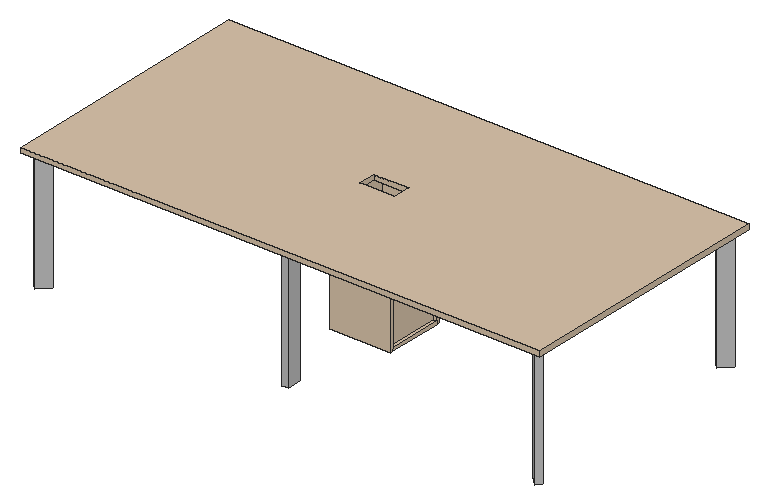
Revit family "Haworth_Planes_ConferenceTable_RectangularOnePiece", category Furniture Systems, Revit 2018
Family settings
  Round Connector Dimension = Use Diameter
  Part Type = Normal
  OmniClass Number = 23.40.70.14.64.21
  OmniClass Title = Systems Furniture
  Work Plane-Based = No
  Always vertical = Yes
  Cut with Voids When Loaded = No
  Shared = No
  Room Calculation Point = No
Parameters (values of type "120w 60d - Interior Leg")
  Worksurface Finish [instance] = Haworth _ Laminate _ Maple H-AE
  Worksurface Edge Finish [instance] = Haworth _ Laminate _ Maple H-AE
  Warranty = "http://www.haworth.com/resources/product-info/warranties"
  URL - Product = "http://www.haworth.com/products/tables/conference/planes"
  Sustainability Info = "https://www.haworth.com/company-info/sustainability"
  Support Location_Front_Back = if(Perimeter Leg, 3/4", 3")  # 3"
  Support Finish [instance] = Haworth _ Paint _ Metallic Champagne
  Right Leg [instance] = yes
  Perimeter Leg = not(Interior Leg)  # no
  Opening Single Wide = no
  Opening Single = not(or(Opening Single Wide, Opening Double, Opening Double Wide))  # yes
  Opening Left/Right = no
  Opening Double Wide = no
  Opening Double = no
  Opening Center = not([Opening Left/Right])  # yes
  No Legs [instance] = not(or(Left Leg, Right Leg))  # no
  Model = "TARQ, TARA"  # constant formula
  Min. Depth = 30"  # constant formula
  Middle Leg_Perimeter = and(Actual Width > 66", Perimeter Leg, not(Middle Leg Off_Override))  # no
  Middle Leg_Interior = and(Actual Width > 66", Interior Leg, not(Middle Leg Off_Override))  # yes
  Middle Leg Off_Override = no
  Middle Leg = or(Middle Leg_Interior, Middle Leg_Perimeter)  # yes
  Max. Depth = 60"  # constant formula
  Left Leg [instance] = yes
  Knife Edge = not(Edgeband)  # no
  Interior Leg = yes
  Width = 120"
  URL = "www.haworth.com"
  Support Height = Actual Height - Table Thickness  # 27 13/16"
  Size = "Verify Final Dim. w/ Haworth"  # constant formula
  Revision Number = "3"  # constant formula
  Min/Max Width = "42-120 @ 6 in. increments"  # constant formula
  Standard Height = "29 in."  # constant formula
  Min. Width = if(or(Depth = 30", Depth = 54"), 60", if(Depth = 36", 60", if(Depth = 42", 48", if(Depth = 48", 54", 66"))))  # 66"
  Max. Width = 120"  # constant formula
  Min. Height = 29"  # constant formula
  Max. Height = 29"  # constant formula
  Manufacturer = "Haworth"  # constant formula
  Support Location_Side = if(Perimeter Leg, 1 5/8", 3")  # 3"
  Edgeband = yes
  Description = "Haworth - Planes Conference Table - Rectangular One Piece - Interior Leg - 120w 60d"
  Depth = 60"
  Cutout = yes
  Custom Size = not(and(or(Depth = 30", Depth = 36", Depth = 42", Depth = 48", Depth = 54", Depth = 60"), or(Width = 42", Width = 48", Width = 54", Width = 60", Width = 66", Width = 72", Width = 78", Width = 84", Width = 90", Width = 96", Width = 102", Width = 108", Width = 114", Width = 120")))  # no
  Cable Base Finish [instance] = Haworth _ Laminate _ Maple H-AE
  Cable Base Control = and(Cable Base, Actual Depth > 30")  # yes
  Cable Base 14x14 = and(Cable Base, Actual Depth > 41")  # yes
  Cable Base = yes
  Author = "Haworth (Alias), SHAPE Environments, LLC"  # constant formula
  Assembly Code = "E2020200"
  Actual Width = if(Width > Max. Width, Max. Width, if(Width < Min. Width, Min. Width, Width))  # 120"
  Actual Height = 29"  # constant formula
  Table Thickness = 1 3/16"  # constant formula
  Standard Depths = "30, 36, 42, 48, 54, 60 in."  # constant formula
  Actual Depth = if(Depth > Max. Depth, Max. Depth, if(Depth < Min. Depth, Min. Depth, Depth))  # 60"
Types (5): name | Support Location_Front_Back | Perimeter Leg | Middle Leg_Perimeter | Middle Leg_Interior | Middle Leg | Interior Leg | Width | Support Location_Side | Description | Actual Width
  (no name) | 3" | no | no | yes | yes | yes | 120" | 3" | "Haworth - Planes Conference Table - Rectangular One Piece - Interior Leg - 120w 60d" | 120"
  120w 60d - Interior Leg | 3" | no | no | yes | yes | yes | 120" | 3" | "Haworth - Planes Conference Table - Rectangular One Piece - Interior Leg - 120w 60d" | 120"
  120w 60d - Perimeter Leg | 3/4" | yes | yes | no | yes | no | 120" | 1 5/8" | "Haworth - Planes Conference Table - Rectangular One Piece - Perimeter Leg - 120w 60d" | 120"
  60w 60d - Perimeter Leg | 3/4" | yes | no | no | no | no | 60" | 1 5/8" | "Haworth - Planes Conference Table - Rectangular One Piece - Perimeter Leg - 60w 60d" | 66"
  60w 60d - Interior Leg | 3" | no | no | no | no | yes | 60" | 3" | "Haworth - Planes Conference Table - Rectangular One Piece - Interior Leg - 60w 60d" | 66"
Reference planes (in)
  plane 1 "Center F/B": y = -0.15866
  plane 2 "Floor": z = 0
  plane 3 "Center L/R": x = 0
  plane 4 "Table Edge Left": x = -60
  plane 5 "Table Edge Right": x = 60
  plane 6 "Table Edge Back": y = -30.15866
  plane 7 "Table Edge Front": y = 29.84134
  plane 8 "Table Bottom": z = 29
  plane 9 "Left Support Location": x = -57
  plane 10 "Back Support Location": y = 26.84134
  plane 11 "Front Support Location": y = -27.15866
  plane 12 "Right Support Location": x = 57
  plane 13 "masking region": z = 27
Dimensions and locks (in)
  "Actual Depth": plane 7 "Table Edge Front" to plane 6 "Table Edge Back"
  "Actual Width": plane 4 "Table Edge Left" to plane 5 "Table Edge Right"
  equal spacing: plane 4 "Table Edge Left", plane 3 "Center L/R", plane 5 "Table Edge Right"
  equal spacing: plane 7 "Table Edge Front", plane 1 "Center F/B", plane 6 "Table Edge Back"
  "Actual Height": plane 8 "Table Bottom" to level
  "Support Location_Side": plane 4 "Table Edge Left" to plane 9 "Left Support Location"
  "Support Location_Side": plane 12 "Right Support Location" to plane 5 "Table Edge Right"
  "Support Location_Front_Back": plane 7 "Table Edge Front" to plane 10 "Back Support Location"
  "Support Location_Front_Back": plane 11 "Front Support Location" to plane 6 "Table Edge Back"
  locked: plane 8 "Table Bottom" to plane 13 "masking region" at 2
  aligned and locked: nested 2 to plane 9 "Left Support Location"
  aligned and locked: nested 2 to plane 11 "Front Support Location"
  aligned and locked: nested 1 to plane 10 "Back Support Location"
  aligned and locked: plane 9 "Left Support Location" to nested 1
  aligned and locked: nested 3 to plane 10 "Back Support Location"
  aligned and locked: nested 4 to plane 11 "Front Support Location"
  aligned and locked: nested 4 to plane 12 "Right Support Location"
  aligned and locked: plane 12 "Right Support Location" to nested 3
  aligned and locked: plane 3 "Center L/R" to nested 5
  aligned and locked: plane 3 "Center L/R" to nested 6
  aligned and locked: nested 6 to plane 11 "Front Support Location"
  aligned and locked: plane 10 "Back Support Location" to nested 5
  aligned and locked: nested 8 to plane 9 "Left Support Location"
  aligned and locked: plane 9 "Left Support Location" to nested 7
  aligned and locked: plane 11 "Front Support Location" to nested 8
  aligned and locked: nested 7 to plane 10 "Back Support Location"
  aligned and locked: nested 9 to plane 10 "Back Support Location"
  aligned and locked: plane 12 "Right Support Location" to nested 9
  aligned and locked: plane 11 "Front Support Location" to nested 10
  aligned and locked: nested 10 to plane 12 "Right Support Location"
  aligned and locked: plane 3 "Center L/R" to nested 11
  aligned and locked: plane 3 "Center L/R" to nested 12
  aligned and locked: plane 11 "Front Support Location" to nested 12
  aligned and locked: nested 11 to plane 10 "Back Support Location"
  aligned and locked: plane 2 "Floor" to nested 8
  aligned and locked: plane 2 "Floor" to nested 2
  aligned and locked: nested 7 to plane 2 "Floor"
  aligned and locked: nested 1 to plane 2 "Floor"
  aligned and locked: nested 10 to plane 2 "Floor"
  aligned and locked: nested 4 to plane 2 "Floor"
  aligned and locked: plane 2 "Floor" to nested 9
  aligned and locked: plane 2 "Floor" to nested 3
  aligned and locked: plane 2 "Floor" to nested 13
  aligned and locked: plane 2 "Floor" to nested 14
  aligned and locked: plane 1 "Center F/B" to nested 14
  aligned and locked: plane 3 "Center L/R" to nested 14
  aligned and locked: plane 3 "Center L/R" to nested 13
  aligned and locked: plane 1 "Center F/B" to nested 13
  aligned and locked: plane 2 "Floor" to nested 12
  aligned and locked: plane 2 "Floor" to nested 6
  aligned and locked: nested 11 to plane 2 "Floor"
  aligned and locked: nested 5 to plane 2 "Floor"
  aligned and locked: nested 6 to plane 2 "Floor"
  aligned and locked: nested 12 to plane 2 "Floor"
  aligned and locked: plane 2 "Floor" to nested 5
Nested families (in)
  nested 1: "Haworth_Worksurface-Support_Part-Leg" at (-48.5, 48.08065, 0) x (-1, 0, 0) z (0, 0, 1), visible <- "Left Leg", type "Support"
  nested 2: "Haworth_Worksurface-Support_Part-Leg" at (-65.5, -5.91935, 0), visible <- "Left Leg", type "Support"
  nested 3: "Haworth_Worksurface-Support_Part-Leg" at (65.5, 5.60203, 0) x (-1, 0, 0) z (0, 0, 1), visible <- "Right Leg", type "Support"
  nested 4: "Haworth_Worksurface-Support_Part-Leg" at (65.5, -5.91935, 0) x (-1, 0, 0) z (0, 0, 1), visible <- "Right Leg", type "Support"
  nested 5: "Haworth_Worksurface-Support_Part-Leg" at (8.5, 48.08065, 0) x (-1, 0, 0) z (0, 0, 1), visible <- "Middle Leg_Interior", type "Middle Support"
    with Support Post Standard yes
  nested 6: "Haworth_Worksurface-Support_Part-Leg" at (-8.5, -5.91935, 0), visible <- "Middle Leg_Interior", type "Middle Support"
    with Support Post Standard yes
  nested 7: "Haworth_Worksurface-Support_Part-Leg" at (-35.76069, 18.34134, 0) x (0, 1, 0) z (0, 0, 1), visible <- "Left Leg", type "Perimeter Support"
  nested 8: "Haworth_Worksurface-Support_Part-Leg" at (-78.23931, -35.65866, 0) x (0, 1, 0) z (0, 0, 1), visible <- "Left Leg", type "Perimeter Support"
  nested 9: "Haworth_Worksurface-Support_Part-Leg" at (35.76069, 18.34134, 0) x (0, 1, 0) z (0, 0, 1), visible <- "Right Leg", type "Perimeter Support"
  nested 10: "Haworth_Worksurface-Support_Part-Leg" at (78.23931, -35.65866, 0) x (0, 1, 0) z (0, 0, 1), visible <- "Right Leg", type "Perimeter Support"
  nested 11: "Haworth_Worksurface-Support_Part-Leg" at (21.23931, 18.34134, 0) x (0, 1, 0) z (0, 0, 1), visible <- "Middle Leg_Perimeter", type "Middle Support"
    with Support Post Standard yes
  nested 12: "Haworth_Worksurface-Support_Part-Leg" at (-21.23931, -35.65866, 0) x (0, 1, 0) z (0, 0, 1), visible <- "Middle Leg_Perimeter", type "Middle Support"
    with Support Post Standard yes
  nested 13: "Haworth_Planes_Conference_Worksurface_Rectangular_Part" at (0, -15.15866, 0), type "Worksurface"
    with Side Cutout Offset 30", Opening Single Wide no, Opening Left/Right no, Opening Double Wide no, Opening Double no, Knife Edge no, Edgeband yes, Cutout Width 8", Cutout Side Graphic no, Cutout Side Dimension 1", Cutout Depth 4", Actual Width 120", Actual Depth 60"
  nested 14: "Haworth_Planes_ConferenceCableBase_Part" at (0, -3.78366, 0), visible <- "Cable Base Control", type "Base"
    with Actual Depth 14", 8 x 14 no, 14 x 14 yes
Definition of nested family "Haworth_Worksurface-Support_Part-Leg"
  Parameters (values of type "Support")
    Top Thickness = 1 3/16"
    Support Post Standard = no
    Support Post 45 Degree = yes
    Support Height = Actual Height - Top Thickness  # 27 13/16"
    Model = "Worksurface"
    Worksurface Height = 29"
    Warranty = "www.haworth.com/en-us/Products/Pages/Certifications.aspx"
    URL - Product = "www.haworth.com/en-us/Products/Furniture/Systems/Desking-Systems/Pages/Compose.aspx"
    URL = "www.haworth.com"
    Sustainability Info = "www.haworth.com/en-us/About-Us/Sustainability/Pages/Vision.aspx"
    Support Finish = none
    Size = "Verify Final Dim. w/ Haworth"  # constant formula
    Revision Number = "1"  # constant formula
    Min/Max Height = "26-32 in."  # constant formula
    Min. Height = 20"  # constant formula
    Max. Height = 48"  # constant formula
    Manufacturer = "Haworth"  # constant formula
    LEED Data = "www.haworth.com/_layouts/Haworth.ProductCatalog/Handlers/GetAsset.ashx/ComposeLEEDContributions.pdf?cid=27&rid=1824&type=Leed"
    Description = "Worksurface Support"  # constant formula
    Author = "SHAPE Environments, LLC"  # constant formula
    Assembly Code = "E2020200"
    Actual Top Thickness = if(Top Thickness > 3", 3", if(Top Thickness < 1", 1", Top Thickness))  # 1 3/16"
    Actual Height = 29"
  Types (3): name | Support Post 45 Degree
    Support | yes
    Perimeter Support | no
    Middle Support | no
  Reference planes (in)
    plane 1: z = 0
    plane 2 "Center L/R": x = 8.5
    plane 3 "Support Top": z = 27.8125
    plane 4 "Center F/B": y = -21.23931
  Forms (in)
    Extrusion 1, solid, material <- "Support Finish", visible <- "Support Post Standard"
      sketch origin (0, 0, 0) x (1, 0, 0) y (0, 1, 0)
        loop
          line (7.75, -22.86431) -> (9.25, -22.86431) -> (9.25, -19.61431) -> (7.75, -19.61431) -> (7.75, -22.86431)
      from 0 to 27.8125
    Extrusion 2, solid, material <- "Support Finish", visible <- "Support Post 45 Degree"
      sketch origin (17.50805, -0.21044, 0) x (0.707107, -0.707107, 0) y (0.707107, 0.707107, 0)
        loop
          line (7.75, -22.86431) -> (9.25, -22.86431) -> (9.25, -19.61431) -> (7.75, -19.61431) -> (7.75, -22.86431)
      from 0 to 27.8125
  Lines and regions (in)
    symbolic lines, visible <- "Support Post Standard", detail levels fine
      curve 1: line (7.75, -19.61431, 0) -> (9.25, -19.61431, 0)
      curve 2: line (7.75, -22.86431, 0) -> (7.75, -19.61431, 0)
      curve 3: line (9.25, -22.86431, 0) -> (7.75, -22.86431, 0)
      curve 4: line (9.25, -19.61431, 0) -> (9.25, -22.86431, 0)
    symbolic lines, visible <- "Support Post 45 Degree", detail levels fine
      curve 5: line (6.82062, -21.85803, 0) -> (9.11872, -19.55993, 0)
      curve 6: line (9.11872, -19.55993, 0) -> (10.17938, -20.62059, 0)
      curve 7: line (10.17938, -20.62059, 0) -> (7.88128, -22.91869, 0)
      curve 8: line (7.88128, -22.91869, 0) -> (6.82062, -21.85803, 0)
  Dimensions and locks (in)
    "Support Height": plane 3 "Support Top" to level
    aligned and locked: plane 3 "Support Top" to Extrusion 1
    aligned and locked: plane 3 "Support Top" to Extrusion 2
  Automatic sketch dimensions
    Extrusion 1 sketch curve to plane 4 "Center F/B" = 1 5/8"
    plane 2 "Center L/R" to Extrusion 1 sketch curve = 3/4"
    Extrusion 1 sketch curve to plane 2 "Center L/R" = 3/4"
    plane 4 "Center F/B" to Extrusion 1 sketch curve = 1 5/8"
    plane 2 "Center L/R" to Extrusion 2 sketch curve = 0.61872"
    Extrusion 2 sketch curve to plane 4 "Center F/B" = 1.67938"
    Extrusion 2 sketch curve to Extrusion 2 sketch curve = 1 1/2"
    Extrusion 2 sketch curve to Extrusion 2 sketch curve = 3 1/4"
    plane 4 "Center F/B" to curve 5 = 0.61872"
    curve 2 to plane 2 "Center L/R" = 3/4"
    curve 2 to curve 7 = 0.13128"
    plane 2 "Center L/R" to curve 6 = 0.61872"
    curve 5 to curve 4 = 0.13128"
    curve 6 to plane 4 "Center F/B" = 0.61872"
    curve 1 to curve 6 = 0.92938"
    curve 7 to curve 2 = 0.05438"
    curve 1 to curve 5 = 0.05438"
Definition of nested family "Haworth_Planes_Conference_Worksurface_Rectangular_Part"
  Parameters (values of type "Worksurface")
    Warranty = "http://www.haworth.com/resources/product-info/warranties"
    URL - Product = "https://www.haworth.com/products/tables/conference/planes"
    URL = "www.haworth.com"
    Thickness = 1 3/16"  # constant formula
    Table Finish = none
    Table Edge Finish = none
    Size = "Verify Final Dim. w/ Haworth"  # constant formula
    Side Cutout Offset = Actual Width / 4  # 24"
    Revision Number = ""
    Opening Single Wide = yes
    Opening Single = yes
    Opening Left/Right = yes
    Opening Double Wide = yes
    Opening Double = yes
    Opening Center = yes
    Model = "Haworth Planes"  # constant formula
    Manufacturer = "Haworth"  # constant formula
    Knife Edge = yes
    Edgeband = no
    Description = "Haworth Planes Conference Worksurface - Part"
    Cutout Width = if(or(Opening Single Wide, Opening Double Wide), 11", 8")  # 11"
    Cutout Side Graphic = and(Cutout, [Opening Left/Right])  # yes
    Cutout Side Dimension = if(and(Cutout, [Opening Left/Right]), 3", 1")  # 3"
    Cutout Center Dimension = if(and(Cutout, Opening Center), 3", 1")  # 3"
    Cutout Depth = if(or(Opening Double, Opening Double Wide), 7 11/16", 4")  # 7 11/16"
    Cutout Center Graphic = and(Cutout, Opening Center)  # yes
    Cutout = yes
    Author = "Haworth (Alias)"  # constant formula
    Assembly Code = ""
    Actual Width = 96"
    Actual Height = 29"
    Actual Depth = 36"
  Reference planes (in)
    plane 1 "Center F/B": y = 15
    plane 2: z = 0
    plane 3 "Center L/R": x = 0
    plane 4 "Table Front": y = 33
    plane 5 "Table Right": x = 48
    plane 6 "Table Left": x = -48
    plane 7 "Table Back": y = -3
    plane 8 "Table Top": z = 29
    plane 9 "Table Bottom": z = 27.8125
    plane 10 "Cutout Top": z = 30
    plane 11 "Cutout Center Bottom": z = 27
    plane 12 "Knife Edge Middle": z = 28.625
    plane 13 "Cutout Back": y = 18.84375
    plane 14 "Cutout Front": y = 11.15625
    plane 15 "Cutout Middle": y = 15
    plane 16 "Left Knife Bottom": x = -46
    plane 17 "Right Knife Bottom": x = 46
    plane 18 "Back Knife Bottom": y = 31
    plane 19 "Front Knife Bottom": y = -1
    plane 20 "Left Cutout": x = -24
    plane 21 "Right Cutout": x = 24
    plane 22 "Cutout Side Bottom": z = 27
  Forms (in)
    Extrusion 1, solid, material <- "Table Finish", visible <- "Edgeband"
      sketch origin (0, 0, 0) x (1, 0, 0) y (0, 1, 0)
        loop
          line (-48, 33) -> (-48, -3) -> (48, -3) -> (48, 33) -> (-48, 33)
      from 27.8125 to 29
    Extrusion 2, solid, material <- "Table Finish", visible <- "Knife Edge"
      sketch origin (0, 0, 0) x (1, 0, 0) y (0, 1, 0)
        loop
          line (-48, 33) -> (-48, -3) -> (48, -3) -> (48, 33) -> (-48, 33)
      from 29 to 28.625
    Extrusion 3, void
      sketch origin (0, 0, 29) x (-1, 0, 0) y (0, -1, 0)
        loop
          line (5.5, -18.84375) -> (5.5, -11.15625) -> (-5.5, -11.15625) -> (-5.5, -18.84375) -> (5.5, -18.84375)
      from -2 to 1
    Blend 4, solid, material <- "Table Finish", visible <- "Knife Edge"
      base sketch origin (0, 0, 0) x (1, 0, 0) y (0, 1, 0)
        loop
          line (46, -1) -> (46, 31) -> (-46, 31) -> (-46, -1) -> (46, -1)
      top sketch origin (0, 0, 0) x (1, 0, 0) y (0, 1, 0)
        loop
          line (-48, 33) -> (-48, -3) -> (48, -3) -> (48, 33) -> (-48, 33)
      from 27.8125 to 28.625
    Extrusion 5, void
      sketch origin (0, 0, 0) x (1, 0, 0) y (0, 1, 0)
        loop
          line (-29.5, 18.84375) -> (-29.5, 11.15625) -> (-18.5, 11.15625) -> (-18.5, 18.84375) -> (-29.5, 18.84375)
        loop
          line (18.5, 18.84375) -> (18.5, 11.15625) -> (29.5, 11.15625) -> (29.5, 18.84375) -> (18.5, 18.84375)
      from 27 to 30
  Cuts and joins
    Extrusion 3, Extrusion 5 cuts Extrusion 2
    Extrusion 3, Extrusion 5 cuts Blend 4
    joined: Extrusion 2, Blend 4
    Extrusion 3, Extrusion 5 cuts Extrusion 1
  Lines and regions (in)
    Masking region 1
      outline origin (0, 0, 0) x (1, 0, 0) y (0, 1, 0)
        loop
          line (-48, 33) -> (-48, -3) -> (48, -3) -> (48, 33) -> (-48, 33)
    symbolic lines, visible <- "Cutout Center Graphic"
      curve 1: line (-5.5, 18.84375, 0) -> (-5.5, 11.15625, 0)
      curve 2: line (-5.5, 11.15625, 0) -> (5.5, 11.15625, 0)
      curve 3: line (5.5, 11.15625, 0) -> (5.5, 18.84375, 0)
      curve 4: line (5.5, 18.84375, 0) -> (-5.5, 18.84375, 0)
    symbolic lines, visible <- "Knife Edge", detail levels medium+fine
      curve 5: line (-46, -1, 0) -> (48, -1, 0)
      curve 6: line (-46, -1, 0) -> (-46, 31, 0)
      curve 7: line (-46, 31, 0) -> (46, 31, 0)
      curve 8: line (46, 31, 0) -> (46, -1, 0)
    symbolic lines, visible <- "Cutout Side Graphic"
      curve 9: line (-29.5, 18.84375, 0) -> (-18.5, 18.84375, 0)
      curve 10: line (-29.5, 11.15625, 0) -> (-29.5, 18.84375, 0)
      curve 11: line (-18.5, 11.15625, 0) -> (-29.5, 11.15625, 0)
      curve 12: line (-18.5, 18.84375, 0) -> (-18.5, 11.15625, 0)
      curve 13: line (18.5, 18.84375, 0) -> (29.5, 18.84375, 0)
      curve 14: line (18.5, 11.15625, 0) -> (18.5, 18.84375, 0)
      curve 15: line (29.5, 11.15625, 0) -> (18.5, 11.15625, 0)
      curve 16: line (29.5, 18.84375, 0) -> (29.5, 11.15625, 0)
  Dimensions and locks (in)
    "Actual Depth": plane 7 "Table Back" to plane 4 "Table Front"
    "Actual Width": plane 6 "Table Left" to plane 5 "Table Right"
    equal spacing: plane 6 "Table Left", plane 3 "Center L/R", plane 5 "Table Right"
    equal spacing: plane 4 "Table Front", plane 1 "Center F/B", plane 7 "Table Back"
    "Thickness": plane 8 "Table Top" to plane 9 "Table Bottom"
    "Actual Height": plane 8 "Table Top" to level
    equal spacing: Extrusion 3 sketch curve, plane 3 "Center L/R", Extrusion 3 sketch curve
    "Cutout Width": Extrusion 3 sketch curve to Extrusion 3 sketch curve
    locked: plane 10 "Cutout Top" to plane 8 "Table Top" at 1
    "Cutout Center Dimension": plane 10 "Cutout Top" to plane 11 "Cutout Center Bottom"
    locked: plane 8 "Table Top" to plane 12 "Knife Edge Middle" at 0.375
    "Cutout Depth": plane 14 "Cutout Front" to plane 13 "Cutout Back"
    equal spacing: plane 14 "Cutout Front", plane 15 "Cutout Middle", plane 13 "Cutout Back"
    locked: plane 18 "Back Knife Bottom" to plane 4 "Table Front" at 2
    locked: plane 6 "Table Left" to plane 16 "Left Knife Bottom" at 2
    locked: plane 17 "Right Knife Bottom" to plane 5 "Table Right" at 2
    locked: plane 19 "Front Knife Bottom" to plane 7 "Table Back" at 2
    "Side Cutout Offset": plane 20 "Left Cutout" to plane 3 "Center L/R"
    "Side Cutout Offset": plane 3 "Center L/R" to plane 21 "Right Cutout"
    equal spacing: Extrusion 5 sketch curve, plane 20 "Left Cutout", Extrusion 5 sketch curve
    "Cutout Width": Extrusion 5 sketch curve to Extrusion 5 sketch curve  (x2)
    equal spacing: Extrusion 5 sketch curve, plane 21 "Right Cutout", Extrusion 5 sketch curve
    "Cutout Side Dimension": plane 10 "Cutout Top" to plane 22 "Cutout Side Bottom"
    aligned and locked: plane 6 "Table Left" to Extrusion 1 sketch curve
    aligned and locked: Extrusion 1 sketch curve to plane 4 "Table Front"
    aligned and locked: plane 7 "Table Back" to Extrusion 1 sketch curve
    aligned and locked: plane 5 "Table Right" to Extrusion 1 sketch curve
    aligned and locked: plane 8 "Table Top" to Extrusion 1
    aligned and locked: Extrusion 1 to plane 9 "Table Bottom"
    aligned and locked: plane 6 "Table Left" to Extrusion 2 sketch curve
    aligned and locked: plane 5 "Table Right" to Extrusion 2 sketch curve
    aligned and locked: Extrusion 2 sketch curve to plane 4 "Table Front"
    aligned and locked: plane 10 "Cutout Top" to Extrusion 3
    aligned and locked: Extrusion 3 to plane 11 "Cutout Center Bottom"
    aligned and locked: Masking region 1 sketch curve to plane 7 "Table Back"
    aligned and locked: plane 6 "Table Left" to Masking region 1 sketch curve
    aligned and locked: Masking region 1 sketch curve to plane 4 "Table Front"
    aligned and locked: plane 5 "Table Right" to Masking region 1 sketch curve
    aligned and locked: curve 1 to Extrusion 3
    aligned and locked: Extrusion 3 to curve 3
    aligned and locked: plane 12 "Knife Edge Middle" to cut or joined group of Extrusion 2, Extrusion 3, Blend 4, Extrusion 5
    aligned and locked: plane 8 "Table Top" to cut or joined group of Extrusion 2, Extrusion 3, Blend 4, Extrusion 5
    aligned and locked: Extrusion 2 sketch curve to plane 7 "Table Back"
    aligned and locked: plane 5 "Table Right" to Blend 4 sketch curve
    aligned and locked: Blend 4 sketch curve to plane 7 "Table Back"
    aligned and locked: Blend 4 sketch curve to plane 4 "Table Front"
    aligned and locked: plane 6 "Table Left" to Blend 4 sketch curve
    aligned and locked: Blend 4 to plane 12 "Knife Edge Middle"
    aligned and locked: Blend 4 to plane 9 "Table Bottom"
    aligned and locked: plane 13 "Cutout Back" to Extrusion 3 sketch curve
    aligned and locked: Extrusion 3 sketch curve to plane 14 "Cutout Front"
    aligned and locked: plane 1 "Center F/B" to plane 15 "Cutout Middle"
    aligned and locked: plane 16 "Left Knife Bottom" to Blend 4 sketch curve
    aligned and locked: plane 18 "Back Knife Bottom" to Blend 4 sketch curve
    aligned and locked: plane 17 "Right Knife Bottom" to Blend 4 sketch curve
    aligned and locked: Blend 4 sketch curve to curve 5
    aligned and locked: plane 17 "Right Knife Bottom" to curve 8
    aligned and locked: plane 18 "Back Knife Bottom" to curve 7
    aligned and locked: plane 16 "Left Knife Bottom" to curve 6
    aligned and locked: Extrusion 5 sketch curve to plane 14 "Cutout Front"  (x2)
    aligned and locked: plane 13 "Cutout Back" to Extrusion 5 sketch curve  (x2)
    aligned and locked: Extrusion 5 to plane 10 "Cutout Top"
    aligned and locked: Extrusion 5 to plane 22 "Cutout Side Bottom"
    aligned and locked: curve 9 to Extrusion 5
    aligned and locked: curve 10 to Extrusion 5
    aligned and locked: curve 11 to Extrusion 5
    aligned and locked: curve 12 to Extrusion 5
    aligned and locked: curve 13 to Extrusion 5
    aligned and locked: curve 14 to Extrusion 5
    aligned and locked: curve 15 to Extrusion 5
    aligned and locked: curve 16 to Extrusion 5
  Automatic sketch dimensions
    curve 5 to plane 5 "Table Right" = 0"
    curve 8 to plane 19 "Front Knife Bottom" = 0"
    plane 14 "Cutout Front" to curve 2 = 0"
    plane 13 "Cutout Back" to curve 4 = 0"
Definition of nested family "Haworth_Planes_ConferenceCableBase_Part"
  Parameters (values of type "Base")
    Warranty = "http://www.haworth.com/resources/product-info/warranties"
    URL - Product = "http://www.haworth.com/products/tables/conference/planes"
    URL = "www.haworth.com"
    Sustainability Info = "https://www.haworth.com/company-info/sustainability"
    Size = "Verify Final Dim. w/ Haworth"  # constant formula
    Revision Number = "3"  # constant formula
    Model = "Haworth - Planes - Cable Base"  # constant formula
    Min. Height = 27 13/16"  # constant formula
    Max. Height = 27 13/16"  # constant formula
    Manufacturer = "Haworth"  # constant formula
    Description = "Haworth - Planes - Cable Base"  # constant formula
    Base Finish = none
    Author = "SHAPE Environments, LLC"  # constant formula
    Assembly Code = "E2020200"
    Actual Width = 14"  # constant formula
    Actual Height = 27 13/16"
    Actual Depth = if([8 x 14], 8", 14")  # 8"
    8 x 14 = not([14 x 14])  # yes
    14 x 14 = no
  Reference planes (in)
    plane 1 "Center F/B": y = 3.625
    plane 2: z = 0
    plane 3 "Center L/R": x = 0
    plane 4 "Left": x = -7
    plane 5 "Right": x = 7
    plane 6 "Front": y = -0.375
    plane 7 "Top": z = 27.8125
    plane 8 "Back": y = 7.625
    plane 9: y = 6.875
    plane 10: x = 6.25
    plane 11: x = -6.25
    plane 12: y = 0.375
    plane 13: z = 27.0625
    plane 14: x = 5.5
    plane 15: x = -5.5
  Forms (in)
    Extrusion 1, solid, material <- "Base Finish"
      sketch origin (0, 0, 0) x (1, 0, 0) y (0, 1, 0)
        loop
          line (-7, 7.625) -> (-7, 6.875) -> (7, 6.875) -> (7, 7.625) -> (-7, 7.625)
        loop
          line (-7, 0.375) -> (-7, -0.375) -> (7, -0.375) -> (7, 0.375) -> (-7, 0.375)
      from 0 to 27.8125
    Extrusion 2, solid, material <- "Base Finish"
      sketch origin (0, 0, 0) x (1, 0, 0) y (0, 1, 0)
        loop
          line (-6.25, 6.875) -> (-6.25, 0.375) -> (-5.5, 0.375) -> (-5.5, 6.875) -> (-6.25, 6.875)
        loop
          line (6.25, 6.875) -> (5.5, 6.875) -> (5.5, 0.375) -> (6.25, 0.375) -> (6.25, 6.875)
      from 0 to 27.0625
    Extrusion 3, solid, material <- "Base Finish"
      sketch origin (0, 0, 0) x (1, 0, 0) y (0, 1, 0)
        loop
          line (-7, 6.875) -> (-7, 0.375) -> (7, 0.375) -> (7, 6.875) -> (-7, 6.875)
        loop
          line (-4, 4.625) -> (-4, 2.625) -> (4, 2.625) -> (4, 4.625) -> (-4, 4.625)
      from 0 to 0.75
  Cuts and joins
    joined: Extrusion 2, Extrusion 3
  Lines and regions (in)
    Masking region 1, detail levels fine
      outline origin (0, 0, 0) x (1, 0, 0) y (0, 1, 0)
        loop
          line (-7, 9.625) -> (-7, -0.375) -> (7, -0.375) -> (7, 9.625) -> (-7, 9.625)
        loop
          line (-4, 4.625) -> (-4, 2.625) -> (4, 2.625) -> (4, 4.625) -> (-4, 4.625)
  Dimensions and locks (in)
    equal spacing: plane 8 "Back", plane 1 "Center F/B", plane 6 "Front"
    "Actual Depth": plane 8 "Back" to plane 6 "Front"
    equal spacing: plane 4 "Left", plane 3 "Center L/R", plane 5 "Right"
    "Actual Width": plane 4 "Left" to plane 5 "Right"
    "Actual Height": plane 7 "Top" to level
    locked: plane 4 "Left" to plane 11 at 0.75
    locked: plane 10 to plane 5 "Right" at 0.75
    locked: plane 8 "Back" to plane 9 at 0.75
    locked: plane 12 to plane 6 "Front" at 0.75
    locked: plane 7 "Top" to plane 13 at 0.75
    Extrusion 2 sketch curve to plane 10 = 3/4"
    plane 11 to Extrusion 2 sketch curve = 3/4"
    Extrusion 3 sketch curve to plane 6 "Front" = 3"
    Extrusion 3 sketch curve to plane 8 "Back" = 3"
    plane 4 "Left" to Extrusion 3 sketch curve = 3"
    Extrusion 3 sketch curve to plane 5 "Right" = 3"
    aligned and locked: plane 4 "Left" to Extrusion 1 sketch curve  (x2)
    aligned and locked: Extrusion 1 sketch curve to plane 8 "Back"
    aligned and locked: plane 9 to Extrusion 1 sketch curve
    aligned and locked: plane 5 "Right" to Extrusion 1 sketch curve  (x2)
    aligned and locked: plane 6 "Front" to Extrusion 1 sketch curve
    aligned and locked: Extrusion 1 sketch curve to plane 12
    aligned and locked: plane 7 "Top" to Extrusion 1
    aligned and locked: plane 11 to Extrusion 2 sketch curve
    aligned and locked: Extrusion 2 sketch curve to plane 9
    aligned and locked: plane 12 to Extrusion 2 sketch curve  (x2)
    aligned and locked: plane 10 to Extrusion 2 sketch curve
    aligned and locked: plane 9 to Extrusion 2 sketch curve
    aligned and locked: plane 13 to Extrusion 2
    aligned and locked: Masking region 1 sketch curve to Extrusion 3  (x5)
    aligned and locked: Extrusion 3 to Masking region 1 sketch curve
    aligned and locked: plane 12 to Extrusion 3 sketch curve
    aligned and locked: Extrusion 3 sketch curve to plane 9
    aligned and locked: cut or joined group of Extrusion 2, Extrusion 3 to plane 2
    aligned and locked: Extrusion 2 to plane 14
    aligned and locked: plane 15 to Extrusion 2
    aligned and locked: Extrusion 1 to plane 2
  Automatic sketch dimensions
    Extrusion 3 sketch curve to plane 4 "Left" = 0"
    Extrusion 3 sketch curve to plane 5 "Right" = 0"
    Masking region 1 sketch curve to plane 6 "Front" = 0"
    plane 8 "Back" to Masking region 1 sketch curve = 2"
